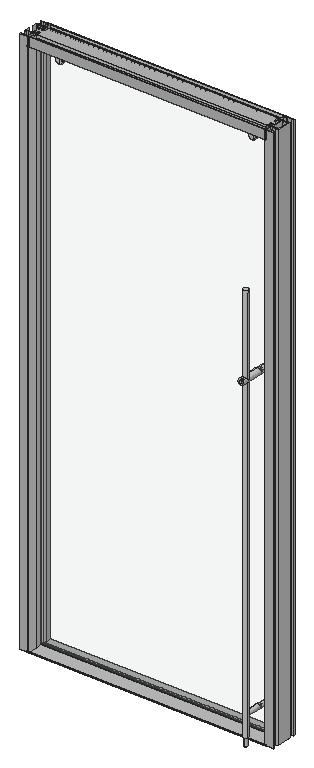
Revit family "Doors_Sliding_Avanti_Systems_Cloud-Eclipse-Sliding-Glass-Pocket-Doors_Solid-wall", category Doors, host Wall, Revit 2015 (continued)
Definition of nested family "Handle"
  Definition of nested family "Hinged Framed Swing locker"
    Automatic sketch dimensions
      plane 3 "Center (Left/Right)" to Extrusion 13 sketch curve = 0.28149"
      plane 27 to Extrusion 14 sketch curve = 1.04735"
      Extrusion 14 sketch curve to plane 26 = 0.06323"
      Extrusion 14 sketch curve to plane 26 = 0.05213"
      Extrusion 14 sketch curve to plane 16 = 0.02652"
      Extrusion 14 sketch curve to Extrusion 14 sketch curve = 0.09753"
      Extrusion 14 sketch curve to Extrusion 14 sketch curve = 0.1137"
      plane 24 to curve 1 = 5/256"
      plane 25 to curve 1 = 0.32895"
      plane 3 "Center (Left/Right)" to curve 1 = 91/256"
      radius of Extrusion 4 sketch curve = 0.63654"
      radius of Extrusion 4 sketch curve = 0.60041"
      radius of Extrusion 5 sketch curve = 0.60041"
      radius of Blend 6 sketch curve = 0.21605"
      radius of Blend 6 sketch curve = 0.19257"
      radius of Extrusion 7 sketch curve = 91/256"
      radius of Extrusion 11 sketch curve = 91/256"
  Definition of nested family "Handle_For-Glass_Rounded_600mm"
    Parameters (values of type "Handle_For-Glass_Rounded_600mm")
      Handle Material [instance] = none
      Handle Height [instance] = 48"  # constant formula
      Default Elevation = 48"
    Reference planes (in)
      plane 1 "Center (Front/Back)": y = 0
      plane 2: z = 26.93599
      plane 3 "Center (Left/Right)": x = 0
      plane 4: z = 0
      plane 5: z = -2.66749
      plane 6: y = -28.44876
      plane 7: y = 14.63423
      plane 8: y = -33.36577
    Forms (in)
      Sweep 1, solid, material <- "Handle Material"
        path origin (0, -17.24158, 0) x (0, 0, 1) y (0, -1, 0)
          loop
            line (-2.10925, 11.20718) -> (0, 11.20718)
        profile origin (0, -28.44876, 0) x (0, -1, 0) y (1, 0, 0)
          loop
            circle (0, 0) r 0.3125
      Sweep 2, solid, material <- "Handle Material"
        path origin (0, 10.76459, 0) x (0, 0, 1) y (0, -1, 0)
          loop
            line (-2.30394, 1.07019) -> (0, 1.07019)
        profile origin (0, 9.69441, 0) x (0, -1, 0) y (1, 0, 0)
          loop
            circle (0, 0) r 0.3125
      Extrusion 3, solid, material <- "Handle Material"
        sketch origin (0, -17.24158, 0) x (1, 0, 0) y (0, 0, -1)
          loop
            circle (0, 2.27257) r 0.39445
        from -16.12419 to 31.87581
    Dimensions and locks (in)
      locked: plane 8 to plane 6 at 4.91701
      "Handle Height": plane 7 to plane 8
      aligned and locked: plane 7 to Extrusion 3
      aligned and locked: Extrusion 3 to plane 8
  Definition of nested family "Handle_For-Glass_Rounded_60in"
    Parameters (values of type "60"")
      No locker [instance] = yes
      Locker [instance] = yes
      Handle Material [instance] = none
      Handle Height [instance] = 60"  # constant formula
    Reference planes (in)
      plane 1 "Center (Front/Back)": y = 0
      plane 2: z = 19.87581
      plane 3 "Center (Left/Right)": x = 0
      plane 4: z = 2.66749
      plane 5: y = -36.97039
      plane 6: z = 0
      plane 7: y = 20.02961
      plane 8: y = -39.97039
    Forms (in)
      Sweep 1, solid, material <- "Handle Material"
        path origin (0, -11.8462, 0) x (0, 0, -1) y (0, 1, 0)
          loop
            line (-2.10925, -25.12419) -> (0, -25.12419)
        profile origin (0, -36.97039, 0) x (1, 0, 0) y (0, 1, 0)
          loop
            circle (0, 0) r 0.3125
      Sweep 2, solid, material <- "Handle Material"
        path origin (0, 16.15997, 0) x (0, 0, -1) y (0, 1, 0)
          loop
            line (-3.10757, -8.13036) -> (0, -8.13036)
        profile origin (0, 8.02961, 0) x (1, 0, 0) y (0, 1, 0)
          loop
            circle (0, 0) r 0.4375
      Extrusion 3, solid, material <- "Handle Material"
        sketch origin (0, -11.8462, 0) x (1, 0, 0) y (0, 0, -1)
          loop
            circle (0, -2.27257) r 0.39445
        from -28.12419 to 31.87581
      Revolve 4, solid, material <- "Handle Material"
        sketch origin (0, -11.8462, 0) x (0, 0, -1) y (0, 1, 0)
          loop
            line (-3.10757, 20.0489) -> (-3.19084, 20.0489) -> (-3.19084, 19.87581) -> (-3.10757, 19.87581) -> (-3.10757, 20.0489)
          axis (-3.10757, 19.87581) -> (-3.19084, 19.87581)
        angle from 0 to 360
      Extrusion 5, solid, material <- "Handle Material", visible <- "Locker"
        sketch origin (0, -11.8462, 0) x (0, 0, -1) y (0, 1, 0)
          loop
            line (-3.19084, 19.98905) -> (-3.34908, 19.98905)
            arc (-3.34908, 19.98905) -> (-3.37904, 19.97664) -> (-3.39145, 19.94668) r 0.04237
            line (-3.39145, 19.94668) -> (-3.39145, 19.80495)
            arc (-3.39145, 19.80495) -> (-3.37904, 19.77499) -> (-3.34908, 19.76258) r 0.04237
            line (-3.34908, 19.76258) -> (-3.19084, 19.76258) -> (-3.19084, 19.98905)
        from -0.03592 to 0.03621
      Revolve 6, solid, material <- "Handle Material", visible <- "No locker"
        sketch origin (0, -11.62359, 0) x (0, 0, -1) y (0, 1, 0)
          loop
            line (-3.10757, 20.0489) -> (-3.20833, 20.0489) -> (-3.20833, 19.87581) -> (-3.10757, 19.87581) -> (-3.10757, 20.0489)
          axis (-3.10757, 19.87581) -> (-3.20833, 19.87581)
        angle from 0 to 360
      Revolve 7, solid, material <- "Handle Material", visible <- "Locker"
        sketch origin (0, -11.8462, 0) x (0, 0, -1) y (0, 1, 0)
          loop
            line (-2.27257, -28.12419) -> (-2.50833, -28.12419) -> (-2.50833, -29.32199) -> (-2.41048, -29.49919) -> (-2.27257, -29.49919) -> (-2.27257, -28.12419)
          axis (-2.27257, -28.12419) -> (-2.27257, -29.49919)
        angle from 0 to 360
    Lines and regions (in)
      reference lines
        curve 1: line (0, -40.47039, 2.66749) -> (0, -40.47039, 0)
    Dimensions and locks (in)
      locked: plane 8 to plane 5 at 3
      "Handle Height": plane 7 to plane 8
      aligned and locked: Extrusion 3 to plane 7
      aligned and locked: Extrusion 3 to plane 8
      aligned and locked: Sweep 1 sketch curve to plane 5
  Definition of nested family "Handle_For-Glass_Rounded_60in2"
    Parameters (values of type "60"")
      No locker [instance] = yes
      Locker [instance] = yes
      Handle Material [instance] = none
      Handle Height [instance] = 60"  # constant formula
    Reference planes (in)
      plane 1 "Center (Front/Back)": y = 0
      plane 2: z = 19.87581
      plane 3 "Center (Left/Right)": x = 0
      plane 4: y = -36.97039
      plane 5: z = 0
      plane 6: y = 20.02961
      plane 7: y = -39.97039
      plane 8: z = -2.66749
    Forms (in)
      Sweep 1, solid, material <- "Handle Material"
        path origin (0, -11.8462, 0) x (0, 0, 1) y (0, 1, 0)
          loop
            line (-2.10925, -25.12419) -> (0, -25.12419)
        profile origin (0, -36.97039, 0) x (0, -1, 0) y (1, 0, 0)
          loop
            circle (0, 0) r 0.3125
      Sweep 2, solid, material <- "Handle Material"
        path origin (0, 16.15997, 0) x (0, 0, 1) y (0, 1, 0)
          loop
            line (-3.10757, -8.13036) -> (0, -8.13036)
        profile origin (0, 8.02961, 0) x (0, -1, 0) y (1, 0, 0)
          loop
            circle (0, 0) r 0.4375
      Extrusion 3, solid, material <- "Handle Material"
        sketch origin (0, -11.8462, 0) x (1, 0, 0) y (0, 0, -1)
          loop
            circle (0, 2.27257) r 0.39445
        from -28.12419 to 31.87581
      Revolve 4, solid, material <- "Handle Material"
        sketch origin (0, -11.8462, 0) x (0, 0, 1) y (0, 1, 0)
          loop
            line (-3.10757, 20.0489) -> (-3.19084, 20.0489) -> (-3.19084, 19.87581) -> (-3.10757, 19.87581) -> (-3.10757, 20.0489)
          axis (-3.10757, 19.87581) -> (-3.19084, 19.87581)
        angle from 0 to 360
      Extrusion 5, solid, material <- "Handle Material", visible <- "Locker"
        sketch origin (0, -11.8462, 0) x (0, 0, 1) y (0, -1, 0)
          loop
            line (-3.19084, -19.98905) -> (-3.19084, -19.76258) -> (-3.34908, -19.76258)
            arc (-3.34908, -19.76258) -> (-3.37904, -19.77499) -> (-3.39145, -19.80495) r 0.04237
            line (-3.39145, -19.80495) -> (-3.39145, -19.94668)
            arc (-3.39145, -19.94668) -> (-3.37904, -19.97664) -> (-3.34908, -19.98905) r 0.04237
            line (-3.34908, -19.98905) -> (-3.19084, -19.98905)
        from -0.03592 to 0.03621
      Revolve 6, solid, material <- "Handle Material", visible <- "No locker"
        sketch origin (0, -11.62359, 0) x (0, 0, 1) y (0, 1, 0)
          loop
            line (-3.10757, 20.0489) -> (-3.20833, 20.0489) -> (-3.20833, 19.87581) -> (-3.10757, 19.87581) -> (-3.10757, 20.0489)
          axis (-3.10757, 19.87581) -> (-3.20833, 19.87581)
        angle from 0 to 360
      Revolve 7, solid, material <- "Handle Material", visible <- "Locker"
        sketch origin (0, -11.8462, 0) x (0, 0, 1) y (0, 1, 0)
          loop
            line (-2.27257, -28.12419) -> (-2.50833, -28.12419) -> (-2.50833, -29.32199) -> (-2.41048, -29.49919) -> (-2.27257, -29.49919) -> (-2.27257, -28.12419)
          axis (-2.27257, -28.12419) -> (-2.27257, -29.49919)
        angle from 0 to 360
    Lines and regions (in)
      reference lines
        curve 1: line (0, -40.47039, -2.66749) -> (0, -40.47039, 0)
    Dimensions and locks (in)
      locked: plane 7 to plane 4 at 3
      "Handle Height": plane 6 to plane 7
Definition of nested family "Door Frame Top"
  Parameters (values of type "Family6")
    Thicness = 0.40895"
  Reference planes (in)
    plane 1 "Center (Front/Back)": y = 0
    plane 2: z = 0
    plane 3 "Center (Left/Right)": x = 0
  Lines and regions (in)
    model lines, in view "Ref. Level"
      curve 1: line (-0.20447, -2.30717, 0) -> (0.20447, -2.30717, 0)
      curve 2: line (-0.20447, -3.06561, 0) -> (0.20447, -3.06561, 0)
      curve 19: line (-0.22962, -0.81275, 0) -> (-0.27284, -0.81275, 0)
      curve 20: line (-0.27284, -0.81275, 0) -> (-0.27284, -0.48108, 0)
      curve 21: line (-0.27284, -0.48108, 0) -> (-0.52448, -0.54896, 0)
      curve 22: line (-0.52448, -0.54896, 0) -> (-0.52448, -1.49724, 0)
      curve 23: line (-0.52448, -1.49724, 0) -> (-0.27284, -1.56286, 0)
      curve 24: line (-0.27284, -1.56286, 0) -> (-0.27284, -1.34008, 0)
      curve 25: line (-0.27284, -1.34008, 0) -> (-0.22962, -1.34008, 0)
      curve 26: line (0.24634, -1.34008, 0) -> (0.30501, -1.34008, 0)
      curve 27: line (0.30501, -1.34008, 0) -> (0.30501, -1.56286, 0)
      curve 28: line (0.30501, -1.56286, 0) -> (0.53753, -1.49724, 0)
      curve 29: line (0.53753, -1.49724, 0) -> (0.53753, -0.53073, 0)
      curve 30: line (0.53753, -0.53073, 0) -> (0.30501, -0.48414, 0)
      curve 31: line (0.30501, -0.48414, 0) -> (0.30501, -0.81275, 0)
      curve 32: line (0.30501, -0.81275, 0) -> (0.24634, -0.81275, 0)
      curve 33: line (-0.27284, -0.81275, 0) -> (-0.27284, -1.34008, 0)
      curve 34: line (0.30501, -0.81275, 0) -> (0.30501, -1.34008, 0)
      curve 35: line (0.09462, -2.30717, 0) -> (0.09462, -1.13755, 0)
      curve 36: line (0.09462, -1.0244, 0) -> (0.09462, -0.51808, 0)
      curve 37: line (-0.08847, -2.30717, 0) -> (-0.08847, -1.13755, 0)
      curve 38: line (-0.08847, -1.0244, 0) -> (-0.08847, -0.51808, 0)
      curve 39: arc (1.87632, -0.00189, 0) -> (1.86415, -0.00603, 0) -> (1.857, -0.01672, 0) r 0.02
      curve 40: arc (2.01041, -0.02189, 0) -> (2.00456, -0.00775, 0) -> (1.99041, -0.00189, 0) r 0.02
      curve 41: arc (1.99824, -1.30307, 0) -> (2.00709, -1.2957, 0) -> (2.01041, -1.28466, 0) r 0.02
      curve 42: arc (1.93041, -1.08302, 0) -> (1.94456, -1.07716, 0) -> (1.95041, -1.06302, 0) r 0.02
      curve 43: arc (1.93824, -1.26339, 0) -> (1.94709, -1.25602, 0) -> (1.95041, -1.24498, 0) r 0.02
      curve 44: arc (1.95041, -0.34496, 0) -> (1.94628, -0.33278, 0) -> (1.93559, -0.32564, 0) r 0.02
      curve 45: arc (1.79021, -0.26598, 0) -> (1.79221, -0.28116, 0) -> (1.80436, -0.29048, 0) r 0.02
      curve 46: arc (1.13647, -0.29048, 0) -> (1.14861, -0.28116, 0) -> (1.15061, -0.26598, 0) r 0.02
      curve 47: arc (1.08332, -0.01482, 0) -> (1.07617, -0.00413, 0) -> (1.064, 0, 0) r 0.02
      curve 48: arc (1.13647, -0.29048, 0) -> (1.14861, -0.28116, 0) -> (1.15061, -0.26598, 0) r 0.02
      curve 49: arc (1.02494, -0.32036, 0) -> (1.00399, -0.33409, 0) -> (0.99531, -0.35759, 0) r 0.04
      curve 50: arc (0.99531, -0.35759, 0) -> (0.99671, -0.36566, 0) -> (1.00122, -0.37249, 0) r 0.02
      curve 51: arc (0.93029, -0.27603, 0) -> (0.95785, -0.24854, 0) -> (0.93029, -0.22104, 0) r 0.0275
      curve 52: arc (0.91868, -0.27603, 0) -> (0.90849, -0.27882, 0) -> (0.90114, -0.28641, 0) r 0.02
      curve 53: arc (0.77041, -1.68025, 0) -> (0.78456, -1.67439, 0) -> (0.79041, -1.66025, 0) r 0.02
      curve 54: arc (0.85041, -1.66025, 0) -> (0.85627, -1.67439, 0) -> (0.87041, -1.68025, 0) r 0.02
      curve 55: arc (1.95041, -1.16302, 0) -> (1.94456, -1.14888, 0) -> (1.93041, -1.14302, 0) r 0.02
      curve 56: arc (1.10343, -1.06302, 0) -> (1.10929, -1.07716, 0) -> (1.12343, -1.08302, 0) r 0.02
      curve 57: arc (0.96942, -1.23854, 0) -> (0.86876, -1.16134, 0) -> (0.94544, -1.2624, 0) r 0.064
      curve 58: arc (0.87645, -1.32492, 0) -> (0.92681, -1.33004, 0) -> (0.97501, -1.31461, 0) r 0.124
      curve 59: arc (1.02148, -1.26838, 0) -> (1.0372, -1.21985, 0) -> (1.03206, -1.16909, 0) r 0.124
      curve 60: arc (0.82787, -1.11741, 0) -> (0.7977, -1.16343, 0) -> (0.79041, -1.21798, 0) r 0.124
      curve 61: arc (0.82787, -1.11741, 0) -> (0.83254, -1.09552, 0) -> (0.814, -1.083, 0) r 0.02
      curve 62: arc (1.05111, -1.14302, 0) -> (1.03497, -1.15122, 0) -> (1.03206, -1.16909, 0) r 0.02
      curve 63: arc (0.87645, -1.32492, 0) -> (0.8586, -1.32785, 0) -> (0.85041, -1.34399, 0) r 0.02
      curve 64: arc (1.10343, -0.53267, 0) -> (1.09757, -0.51853, 0) -> (1.08343, -0.51267, 0) r 0.02
      curve 65: arc (0.94544, -0.51623, 0) -> (0.96959, -0.429, 0) -> (0.88236, -0.40485, 0) r 0.064
      curve 66: arc (0.85838, -0.42871, 0) -> (0.86853, -0.50567, 0) -> (0.94544, -0.51623, 0) r 0.064
      curve 67: arc (1.03477, -0.48821, 0) -> (1.03299, -0.426, 0) -> (1.00122, -0.37249, 0) r 0.124
      curve 68: arc (1.03477, -0.48821, 0) -> (1.03863, -0.50514, 0) -> (1.05427, -0.51267, 0) r 0.02
      curve 69: arc (0.80632, -0.39887, 0) -> (0.80584, -0.52135, 0) -> (0.91079, -0.5845, 0) r 0.124
      curve 70: arc (0.93029, -0.60449, 0) -> (0.92461, -0.59053, 0) -> (0.91079, -0.5845, 0) r 0.02
      curve 71: arc (1.29509, -1.39822, 0) -> (1.31234, -1.52389, 0) -> (1.32892, -1.39813, 0) r 0.064
      curve 72: arc (1.27909, -1.34039, 0) -> (1.19346, -1.42406, 0) -> (1.21848, -1.54113, 0) r 0.124
      curve 73: arc (1.2112, -1.57263, 0) -> (1.22286, -1.55873, 0) -> (1.21848, -1.54113, 0) r 0.02
      curve 74: arc (1.43567, -1.44875, 0) -> (1.40717, -1.3802, 0) -> (1.34463, -1.34022, 0) r 0.124
      curve 75: arc (1.43567, -1.44875, 0) -> (1.44532, -1.46411, 0) -> (1.46342, -1.46535, 0) r 0.02
      curve 76: arc (0.96634, -1.74025, 0) -> (0.97033, -1.73985, 0) -> (0.97416, -1.73866, 0) r 0.02
      curve 77: arc (0.95411, -1.68025, 0) -> (0.9581, -1.67985, 0) -> (0.96193, -1.67866, 0) r 0.02
      curve 78: arc (-0.90946, -1.00271, 0) -> (-0.9036, -1.01685, 0) -> (-0.88946, -1.02271, 0) r 0.02
      curve 79: arc (-1.83618, -0.01672, 0) -> (-1.84332, -0.00603, 0) -> (-1.8555, -0.00189, 0) r 0.02
      curve 80: arc (-1.96959, -0.00189, 0) -> (-1.98373, -0.00775, 0) -> (-1.98959, -0.02189, 0) r 0.02
      curve 81: arc (-1.98959, -1.28466, 0) -> (-1.98627, -1.2957, 0) -> (-1.97742, -1.30307, 0) r 0.02
      curve 82: arc (-1.92959, -1.06302, 0) -> (-1.92373, -1.07716, 0) -> (-1.90959, -1.08302, 0) r 0.02
      curve 83: arc (-1.92959, -1.24498, 0) -> (-1.92627, -1.25602, 0) -> (-1.91742, -1.26339, 0) r 0.02
      curve 84: arc (-1.91476, -0.32564, 0) -> (-1.92545, -0.33278, 0) -> (-1.92959, -0.34496, 0) r 0.02
      curve 85: arc (-1.78353, -0.29048, 0) -> (-1.77139, -0.28116, 0) -> (-1.76939, -0.26598, 0) r 0.02
      curve 86: arc (-1.12979, -0.26598, 0) -> (-1.12779, -0.28116, 0) -> (-1.11564, -0.29048, 0) r 0.02
      curve 87: arc (-1.04317, 0, 0) -> (-1.05535, -0.00413, 0) -> (-1.06249, -0.01482, 0) r 0.02
      curve 88: arc (-1.12979, -0.26598, 0) -> (-1.12779, -0.28116, 0) -> (-1.11564, -0.29048, 0) r 0.02
      curve 89: arc (-0.97449, -0.35759, 0) -> (-0.98316, -0.33409, 0) -> (-1.00411, -0.32036, 0) r 0.04
      curve 90: arc (-0.98039, -0.37249, 0) -> (-0.97588, -0.36566, 0) -> (-0.97449, -0.35759, 0) r 0.02
      curve 91: arc (-0.90946, -0.22104, 0) -> (-0.93703, -0.24854, 0) -> (-0.90946, -0.27603, 0) r 0.0275
      curve 92: arc (-0.88031, -0.28641, 0) -> (-0.88766, -0.27882, 0) -> (-0.89785, -0.27603, 0) r 0.02
      curve 93: arc (-1.90959, -1.14302, 0) -> (-1.92373, -1.14888, 0) -> (-1.92959, -1.16302, 0) r 0.02
      curve 94: arc (-1.1026, -1.08302, 0) -> (-1.08846, -1.07716, 0) -> (-1.0826, -1.06302, 0) r 0.02
      curve 95: arc (-0.92461, -1.2624, 0) -> (-0.84794, -1.16134, 0) -> (-0.9486, -1.23854, 0) r 0.064
      curve 96: arc (-0.95418, -1.31461, 0) -> (-0.90598, -1.33004, 0) -> (-0.85563, -1.32492, 0) r 0.124
      curve 97: arc (-1.01123, -1.16909, 0) -> (-1.01638, -1.21985, 0) -> (-1.00065, -1.26838, 0) r 0.124
      curve 98: arc (-0.76959, -1.21798, 0) -> (-0.77693, -1.16327, 0) -> (-0.80729, -1.11717, 0) r 0.124
      curve 99: arc (-0.79261, -1.08274, 0) -> (-0.81185, -1.09488, 0) -> (-0.80729, -1.11717, 0) r 0.02
      curve 100: arc (-1.01123, -1.16909, 0) -> (-1.01414, -1.15122, 0) -> (-1.03029, -1.14302, 0) r 0.02
      curve 101: arc (-0.82959, -1.34399, 0) -> (-0.83777, -1.32785, 0) -> (-0.85563, -1.32492, 0) r 0.02
      curve 102: arc (-1.0626, -0.51267, 0) -> (-1.07674, -0.51853, 0) -> (-1.0826, -0.53267, 0) r 0.02
      curve 103: arc (-0.86153, -0.40485, 0) -> (-0.94876, -0.429, 0) -> (-0.92461, -0.51623, 0) r 0.064
      curve 104: arc (-0.92461, -0.51623, 0) -> (-0.8477, -0.50567, 0) -> (-0.83755, -0.42871, 0) r 0.064
      curve 105: arc (-0.98039, -0.37249, 0) -> (-1.01217, -0.426, 0) -> (-1.01395, -0.48821, 0) r 0.124
      curve 106: arc (-1.03344, -0.51267, 0) -> (-1.0178, -0.50514, 0) -> (-1.01395, -0.48821, 0) r 0.02
      curve 107: arc (-0.88996, -0.5845, 0) -> (-0.78501, -0.52135, 0) -> (-0.7855, -0.39887, 0) r 0.124
      curve 108: arc (-0.88996, -0.5845, 0) -> (-0.90378, -0.59053, 0) -> (-0.90946, -0.60449, 0) r 0.02
      curve 109: arc (-1.3081, -1.39813, 0) -> (-1.29151, -1.52389, 0) -> (-1.27427, -1.39822, 0) r 0.064
      curve 110: arc (-1.19766, -1.54113, 0) -> (-1.17264, -1.42406, 0) -> (-1.25826, -1.34039, 0) r 0.124
      curve 111: arc (-1.19766, -1.54113, 0) -> (-1.20203, -1.55873, 0) -> (-1.19037, -1.57263, 0) r 0.02
      curve 112: arc (-1.3238, -1.34022, 0) -> (-1.38635, -1.3802, 0) -> (-1.41484, -1.44875, 0) r 0.124
      curve 113: arc (-1.44259, -1.46535, 0) -> (-1.42449, -1.46411, 0) -> (-1.41484, -1.44875, 0) r 0.02
      curve 114: arc (-0.95334, -1.73866, 0) -> (-0.9495, -1.73985, 0) -> (-0.94551, -1.74025, 0) r 0.02
      curve 115: arc (-0.76959, -1.66025, 0) -> (-0.76373, -1.67439, 0) -> (-0.74959, -1.68025, 0) r 0.02
      curve 116: arc (-0.84959, -1.68025, 0) -> (-0.83544, -1.67439, 0) -> (-0.82959, -1.66025, 0) r 0.02
      curve 117: arc (-0.94111, -1.67866, 0) -> (-0.93727, -1.67985, 0) -> (-0.93328, -1.68025, 0) r 0.02
      curve 118: arc (-0.88946, -0.06383, 0) -> (-0.9036, -0.06969, 0) -> (-0.90946, -0.08383, 0) r 0.02
      curve 119: arc (0.93029, -0.08383, 0) -> (0.92443, -0.06969, 0) -> (0.91029, -0.06383, 0) r 0.02
      curve 120: arc (0.91029, -1.02302, 0) -> (0.92443, -1.01716, 0) -> (0.93029, -1.00302, 0) r 0.02
      curve 121: line (0.93029, -1.00302, 0) -> (0.93029, -0.60449, 0)
      curve 122: line (0.93029, -0.08383, 0) -> (0.93029, -0.22104, 0)
      curve 123: line (0.93029, -0.22104, 0) -> (0.93029, -0.1406, 0)
      curve 124: line (1.95041, -0.42836, 0) -> (1.95041, -0.3603, 0)
      curve 125: line (1.87632, -0.00189, 0) -> (1.99041, -0.00189, 0)
      curve 126: line (2.01041, -0.02189, 0) -> (2.01041, -1.28466, 0)
      curve 127: line (1.95041, -0.34496, 0) -> (1.95041, -1.06302, 0)
      curve 128: line (1.95041, -1.16302, 0) -> (1.95041, -1.24498, 0)
      curve 129: line (1.79021, -0.26598, 0) -> (1.81613, -0.16925, 0)
      curve 130: line (1.81613, -0.16925, 0) -> (1.8566, -0.18024, 0)
      curve 131: line (1.8566, -0.18024, 0) -> (1.84108, -0.2382, 0)
      curve 132: line (1.84108, -0.2382, 0) -> (1.90096, -0.25424, 0)
      curve 133: line (1.90096, -0.25424, 0) -> (1.9579, -0.04174, 0)
      curve 134: line (1.9579, -0.04174, 0) -> (1.89802, -0.02569, 0)
      curve 135: line (1.89802, -0.02569, 0) -> (1.88249, -0.08365, 0)
      curve 136: line (1.88249, -0.08365, 0) -> (1.84198, -0.0728, 0)
      curve 137: line (1.84198, -0.0728, 0) -> (1.857, -0.01672, 0)
      curve 138: line (1.93559, -0.32564, 0) -> (1.80436, -0.29048, 0)
      curve 139: line (1.15061, -0.26598, 0) -> (1.12469, -0.16925, 0)
      curve 140: line (1.08332, -0.01482, 0) -> (1.09885, -0.0728, 0)
      curve 141: line (1.09885, -0.0728, 0) -> (1.05834, -0.08365, 0)
      curve 142: line (1.05834, -0.08365, 0) -> (1.04281, -0.02569, 0)
      curve 143: line (1.04281, -0.02569, 0) -> (0.98292, -0.04174, 0)
      curve 144: line (0.98292, -0.04174, 0) -> (1.03986, -0.25424, 0)
      curve 145: line (1.03986, -0.25424, 0) -> (1.09975, -0.2382, 0)
      curve 146: line (1.09975, -0.2382, 0) -> (1.08422, -0.18024, 0)
      curve 147: line (1.08422, -0.18024, 0) -> (1.12469, -0.16925, 0)
      curve 148: line (1.02494, -0.32036, 0) -> (1.13647, -0.29048, 0)
      curve 149: line (0.95029, 0, 0) -> (1.064, 0, 0)
      curve 150: line (0.93029, -0.27603, 0) -> (0.91868, -0.27603, 0)
      curve 151: line (0.79041, -1.19544, 0) -> (0.79041, -1.66025, 0)
      curve 152: line (0.85041, -1.34399, 0) -> (0.85041, -1.66025, 0)
      curve 153: line (1.93041, -1.14302, 0) -> (1.05111, -1.14302, 0)
      curve 154: line (1.93041, -1.08302, 0) -> (1.32794, -1.08302, 0)
      curve 155: line (1.32794, -1.08302, 0) -> (1.31217, -1.09897, 0)
      curve 156: line (1.31217, -1.09897, 0) -> (1.2964, -1.08302, 0)
      curve 157: line (1.2964, -1.08302, 0) -> (1.12343, -1.08302, 0)
      curve 158: line (1.10343, -1.00311, 0) -> (1.06343, -1.00311, 0)
      curve 159: line (1.06343, -1.00311, 0) -> (1.05943, -1.08302, 0)
      curve 160: line (1.05943, -1.08302, 0) -> (0.99943, -1.08302, 0)
      curve 161: line (0.99943, -1.08302, 0) -> (0.99943, -0.57267, 0)
      curve 162: line (0.99943, -0.57267, 0) -> (1.06343, -0.57667, 0)
      curve 163: line (1.06343, -0.57667, 0) -> (1.06343, -0.65267, 0)
      curve 164: line (1.10343, -0.53267, 0) -> (1.10343, -0.65267, 0)
      curve 165: line (1.10343, -0.65267, 0) -> (1.06343, -0.65267, 0)
      curve 166: line (1.10343, -1.06302, 0) -> (1.10343, -1.00311, 0)
      curve 167: line (1.10343, -1.00311, 0) -> (1.10343, -1.06302, 0)
      curve 168: line (1.08343, -0.51267, 0) -> (1.05427, -0.51267, 0)
      curve 169: line (0.96942, -1.23854, 0) -> (1.02148, -1.26838, 0)
      curve 170: line (0.94544, -1.2624, 0) -> (0.97501, -1.31461, 0)
      curve 171: line (0.80632, -0.39887, 0) -> (0.85838, -0.42871, 0)
      curve 172: line (0.90114, -0.28641, 0) -> (0.85279, -0.35264, 0)
      curve 173: line (0.85279, -0.35264, 0) -> (0.88236, -0.40485, 0)
      curve 174: line (1.32892, -1.39813, 0) -> (1.34463, -1.34022, 0)
      curve 175: line (1.29509, -1.39822, 0) -> (1.27909, -1.34039, 0)
      curve 176: line (0.96634, -1.74025, 0) -> (0.71041, -1.74025, 0)
      curve 177: line (0.71041, -1.74025, 0) -> (0.71041, -1.68025, 0)
      curve 178: line (0.71041, -1.68025, 0) -> (0.77041, -1.68025, 0)
      curve 179: line (0.87041, -1.68025, 0) -> (0.95411, -1.68025, 0)
      curve 180: line (0.97416, -1.73866, 0) -> (1.99824, -1.30307, 0)
      curve 181: line (0.96193, -1.67866, 0) -> (1.2112, -1.57263, 0)
      curve 182: line (1.46342, -1.46535, 0) -> (1.93824, -1.26339, 0)
      curve 183: line (-0.90946, -1.00271, 0) -> (-0.90946, -0.60449, 0)
      curve 184: line (-0.90946, -0.08383, 0) -> (-0.90946, -0.22104, 0)
      curve 185: line (-0.90946, -0.22104, 0) -> (-0.90946, -0.1406, 0)
      curve 186: line (-1.92959, -0.42836, 0) -> (-1.92959, -0.3603, 0)
      curve 187: line (-1.8555, -0.00189, 0) -> (-1.96959, -0.00189, 0)
      curve 188: line (-1.98959, -0.02189, 0) -> (-1.98959, -1.28466, 0)
      curve 189: line (0.91029, -1.02302, 0) -> (0.71041, -1.02302, 0)
      curve 190: line (0.71041, -1.02302, 0) -> (0.71041, -1.08299, 0)
      curve 191: line (0.71041, -1.08299, 0) -> (0.814, -1.08299, 0)
      curve 192: line (-0.88946, -1.02271, 0) -> (-0.68959, -1.02271, 0)
      curve 193: line (-0.68959, -1.02271, 0) -> (-0.68959, -1.08274, 0)
      curve 194: line (-0.68959, -1.08274, 0) -> (-0.79261, -1.08274, 0)
      curve 195: line (-0.74959, -1.68025, 0) -> (-0.68959, -1.68025, 0)
      curve 196: line (-0.68959, -1.68025, 0) -> (-0.68959, -1.74025, 0)
      curve 197: line (-0.68959, -1.74025, 0) -> (-0.94551, -1.74025, 0)
      curve 198: line (-1.92959, -0.34496, 0) -> (-1.92959, -1.06302, 0)
      curve 199: line (-1.92959, -1.16302, 0) -> (-1.92959, -1.24498, 0)
      curve 200: line (-1.76939, -0.26598, 0) -> (-1.79531, -0.16925, 0)
      curve 201: line (-1.79531, -0.16925, 0) -> (-1.83578, -0.18024, 0)
      curve 202: line (-1.83578, -0.18024, 0) -> (-1.82025, -0.2382, 0)
      curve 203: line (-1.82025, -0.2382, 0) -> (-1.88014, -0.25424, 0)
      curve 204: line (-1.88014, -0.25424, 0) -> (-1.93708, -0.04174, 0)
      curve 205: line (-1.93708, -0.04174, 0) -> (-1.87719, -0.02569, 0)
      curve 206: line (-1.87719, -0.02569, 0) -> (-1.86166, -0.08365, 0)
      curve 207: line (-1.86166, -0.08365, 0) -> (-1.82115, -0.0728, 0)
      curve 208: line (-1.82115, -0.0728, 0) -> (-1.83618, -0.01672, 0)
      curve 209: line (-1.91476, -0.32564, 0) -> (-1.78353, -0.29048, 0)
      curve 210: line (-1.12979, -0.26598, 0) -> (-1.10387, -0.16925, 0)
      curve 211: line (-1.06249, -0.01482, 0) -> (-1.07802, -0.0728, 0)
      curve 212: line (-1.07802, -0.0728, 0) -> (-1.03751, -0.08365, 0)
      curve 213: line (-1.03751, -0.08365, 0) -> (-1.02198, -0.02569, 0)
      curve 214: line (-1.02198, -0.02569, 0) -> (-0.9621, -0.04174, 0)
      curve 215: line (-0.9621, -0.04174, 0) -> (-1.01904, -0.25424, 0)
      curve 216: line (-1.01904, -0.25424, 0) -> (-1.07892, -0.2382, 0)
      curve 217: line (-1.07892, -0.2382, 0) -> (-1.0634, -0.18024, 0)
      curve 218: line (-1.0634, -0.18024, 0) -> (-1.10387, -0.16925, 0)
      curve 219: line (-1.00411, -0.32036, 0) -> (-1.11564, -0.29048, 0)
      curve 220: line (-0.92946, 0, 0) -> (-1.04317, 0, 0)
      curve 221: line (-0.90946, -0.27603, 0) -> (-0.89785, -0.27603, 0)
      curve 222: line (-0.76959, -1.19544, 0) -> (-0.76959, -1.66025, 0)
      curve 223: line (-0.82959, -1.34399, 0) -> (-0.82959, -1.66025, 0)
      curve 224: line (-1.90959, -1.14302, 0) -> (-1.03029, -1.14302, 0)
      curve 225: line (-1.90959, -1.08302, 0) -> (-1.30711, -1.08302, 0)
      curve 226: line (-1.30711, -1.08302, 0) -> (-1.29134, -1.09897, 0)
      curve 227: line (-1.29134, -1.09897, 0) -> (-1.27558, -1.08302, 0)
      curve 228: line (-1.27558, -1.08302, 0) -> (-1.1026, -1.08302, 0)
      curve 229: line (-1.0826, -1.00311, 0) -> (-1.0426, -1.00311, 0)
      curve 230: line (-1.0426, -1.00311, 0) -> (-1.0386, -1.08302, 0)
      curve 231: line (-1.0386, -1.08302, 0) -> (-0.9786, -1.08302, 0)
      curve 232: line (-0.9786, -1.08302, 0) -> (-0.9786, -0.57267, 0)
      curve 233: line (-0.9786, -0.57267, 0) -> (-1.0426, -0.57667, 0)
      curve 234: line (-1.0426, -0.57667, 0) -> (-1.0426, -0.65267, 0)
      curve 235: line (-1.0826, -0.53267, 0) -> (-1.0826, -0.65267, 0)
      curve 236: line (-1.0826, -0.65267, 0) -> (-1.0426, -0.65267, 0)
      curve 237: line (-1.0826, -1.06302, 0) -> (-1.0826, -1.00311, 0)
      curve 238: line (-1.0826, -1.00311, 0) -> (-1.0826, -1.06302, 0)
      curve 239: line (-1.0626, -0.51267, 0) -> (-1.03344, -0.51267, 0)
      curve 240: line (-0.9486, -1.23854, 0) -> (-1.00065, -1.26838, 0)
      curve 241: line (-0.92461, -1.2624, 0) -> (-0.95418, -1.31461, 0)
      curve 242: line (-0.7855, -0.39887, 0) -> (-0.83755, -0.42871, 0)
      curve 243: line (-0.88031, -0.28641, 0) -> (-0.83197, -0.35264, 0)
      curve 244: line (-0.83197, -0.35264, 0) -> (-0.86153, -0.40485, 0)
      curve 245: line (-1.3081, -1.39813, 0) -> (-1.3238, -1.34022, 0)
      curve 246: line (-1.27427, -1.39822, 0) -> (-1.25826, -1.34039, 0)
      curve 247: line (-0.84959, -1.68025, 0) -> (-0.93328, -1.68025, 0)
      curve 248: line (-0.95334, -1.73866, 0) -> (-1.97742, -1.30307, 0)
      curve 249: line (-0.94111, -1.67866, 0) -> (-1.19037, -1.57263, 0)
      curve 250: line (-1.44259, -1.46535, 0) -> (-1.91742, -1.26339, 0)
      curve 251: line (0.91029, -0.06383, 0) -> (0.62731, -0.06383, 0)
      curve 252: line (0.62731, -0.06383, 0) -> (0.62731, -0.12383, 0)
      curve 253: line (0.62731, -0.12383, 0) -> (0.56731, -0.12383, 0)
      curve 254: line (0.56731, -0.12383, 0) -> (0.56731, -0.06383, 0)
      curve 255: line (0.56731, -0.06383, 0) -> (0.22731, -0.06383, 0)
      curve 256: line (0.22731, -0.06383, 0) -> (0.22731, -0.12383, 0)
      curve 257: line (0.22731, -0.12383, 0) -> (0.16731, -0.12383, 0)
      curve 258: line (0.16731, -0.12383, 0) -> (0.16731, -0.06383, 0)
      curve 259: line (0.16731, -0.06383, 0) -> (-0.14648, -0.06383, 0)
      curve 260: line (-0.14648, -0.06383, 0) -> (-0.14648, -0.12383, 0)
      curve 261: line (-0.88946, -0.06383, 0) -> (-0.60648, -0.06383, 0)
      curve 262: line (-0.60648, -0.06383, 0) -> (-0.60648, -0.12383, 0)
      curve 263: line (-0.60648, -0.12383, 0) -> (-0.54648, -0.12383, 0)
      curve 264: line (-0.54648, -0.12383, 0) -> (-0.54648, -0.06383, 0)
      curve 265: line (-0.20648, -0.06383, 0) -> (-0.54648, -0.06383, 0)
      curve 266: line (-0.54648, -0.06383, 0) -> (-0.20648, -0.06383, 0)
      curve 267: line (-0.20648, -0.06383, 0) -> (-0.20648, -0.12383, 0)
      curve 268: line (-0.20648, -0.12383, 0) -> (-0.14648, -0.12383, 0)
      curve 269: line (0.09462, -1.64221, 0) -> (0.24634, -1.64221, 0)
      curve 270: line (0.24634, -1.64221, 0) -> (0.24634, -1.34008, 0)
      curve 271: line (0.24634, -1.34008, 0) -> (0.24634, -0.81275, 0)
      curve 272: line (0.24634, -0.81275, 0) -> (0.24634, -0.51808, 0)
      curve 273: line (0.24634, -0.51808, 0) -> (-0.22962, -0.51808, 0)
      curve 274: line (-0.22962, -0.51808, 0) -> (-0.22962, -0.81275, 0)
      curve 275: line (-0.22962, -0.81275, 0) -> (-0.22962, -1.64221, 0)
      curve 276: line (-0.22962, -1.64221, 0) -> (-0.08847, -1.64221, 0)
      curve 277: line (-0.22962, -1.0244, 0) -> (0.24634, -1.0244, 0)
      curve 278: line (-0.22962, -1.13755, 0) -> (0.24634, -1.13755, 0)
      curve 279: line (0.95029, 0, 0) -> (-0.92946, 0, 0)
      curve 280: line (0.69489, -0.15813, 0) -> (-0.66511, -0.15813, 0)
      curve 281: line (-0.66511, -0.15813, 0) -> (0.69489, -0.15813, 0)
      curve 282: line (0.69489, -0.15813, 0) -> (0.69489, -1.73293, 0)
      curve 283: line (0.69489, -1.73293, 0) -> (0.29425, -1.73293, 0)
      curve 284: line (0.29425, -1.73293, 0) -> (0.29425, -1.59235, 0)
      curve 285: line (0.29425, -1.59235, 0) -> (0.51624, -1.52897, 0)
      curve 286: line (0.51624, -1.52897, 0) -> (0.57361, -1.51068, 0)
      curve 287: line (0.57361, -1.51068, 0) -> (0.57361, -0.47718, 0)
      curve 288: line (0.57361, -0.47718, 0) -> (0.30224, -0.39096, 0)
      curve 289: line (0.30224, -0.39096, 0) -> (0.30224, -0.28936, 0)
      curve 290: line (0.30224, -0.28936, 0) -> (-0.27007, -0.28936, 0)
      curve 291: line (-0.27007, -0.28936, 0) -> (-0.27007, -0.39096, 0)
      curve 292: line (-0.27007, -0.39096, 0) -> (-0.54394, -0.47718, 0)
      curve 293: line (-0.54394, -0.47718, 0) -> (-0.54394, -1.51068, 0)
      curve 294: line (-0.54394, -1.51068, 0) -> (-0.29227, -1.59235, 0)
      curve 295: line (-0.29227, -1.59235, 0) -> (-0.29227, -1.73293, 0)
      curve 296: line (-0.29227, -1.73293, 0) -> (-0.66511, -1.73293, 0)
      curve 297: line (-0.66511, -1.73293, 0) -> (-0.66511, -0.15813, 0)
    detail lines, in view "Ref. Level"
      curve 3: line (-0.20447, -3.25445, 0) -> (-0.28557, -3.25445, 0)
      curve 4: line (-0.28557, -3.25445, 0) -> (-0.28557, -2.06883, 0)
      curve 5: line (-0.28557, -2.06883, 0) -> (-0.20447, -2.06883, 0)
      curve 6: line (-0.20447, -2.06883, 0) -> (-0.20447, -3.25445, 0)
      curve 7: line (0.28557, -3.25445, 0) -> (0.28557, -2.06883, 0)
      curve 8: line (0.28557, -2.06883, 0) -> (0.20447, -2.06883, 0)
      curve 9: line (0.20447, -2.06883, 0) -> (0.20447, -3.25866, 0)
      curve 10: line (0.20447, -3.25866, 0) -> (0.28557, -3.25445, 0)
    detail lines, in view "Ref. Level", not visible
      curve 11: line (-0.20026, -3.25445, 0) -> (-0.28135, -3.25445, 0)
      curve 12: line (-0.28135, -3.25445, 0) -> (-0.28135, -2.06883, 0)
      curve 13: line (-0.28135, -2.06883, 0) -> (-0.20026, -2.06883, 0)
      curve 14: line (-0.20026, -2.06883, 0) -> (-0.20026, -3.25445, 0)
      curve 15: line (0.28557, -3.25445, 0) -> (0.28557, -2.06883, 0)
      curve 16: line (0.28557, -2.06883, 0) -> (0.20447, -2.06883, 0)
      curve 17: line (0.20447, -2.06883, 0) -> (0.20447, -3.25866, 0)
      curve 18: line (0.20447, -3.25866, 0) -> (0.28557, -3.25445, 0)
  Dimensions and locks (in)
    equal spacing: curve 4, plane 3 "Center (Left/Right)", curve 7
    aligned and locked: curve 279 to plane 1 "Center (Front/Back)"
  Automatic sketch dimensions
    curve 46 to curve 48 = 0"
    curve 57 to curve 58 = 0"  (x3)
    curve 57 to curve 59 = 0"  (x3)
    curve 57 to curve 60 = 0"  (x3)
    curve 65 to curve 66 = 0"  (x2)
    curve 65 to curve 67 = 0"  (x2)
    curve 65 to curve 69 = 0"  (x2)
    curve 71 to curve 72 = 0"  (x2)
    curve 71 to curve 74 = 0"  (x2)
    curve 86 to curve 88 = 0"
    curve 95 to curve 96 = 0"  (x2)
    curve 95 to curve 97 = 0"  (x2)
    curve 95 to curve 98 = 0"  (x2)
    curve 103 to curve 104 = 0"  (x2)
    curve 103 to curve 105 = 0"  (x2)
    curve 103 to curve 107 = 0"  (x2)
    curve 109 to curve 110 = 0"  (x2)
    curve 109 to curve 112 = 0"  (x2)
    plane 1 "Center (Front/Back)" to curve 188 = 0.02189"
    curve 188 to plane 3 "Center (Left/Right)" = 1.98959"
    curve 81 to curve 248 = 0.01217"
    curve 80 to curve 80 = 0.02"
    curve 81 to curve 81 = 1/128"
    plane 1 "Center (Front/Back)" to curve 204 = 0.04174"
    curve 80 to curve 204 = 0.03251"
    curve 81 to curve 199 = 0.04"
    curve 204 to curve 198 = 0.00749"
    curve 199 to curve 250 = 0.01217"
    plane 1 "Center (Front/Back)" to curve 209 = 0.32564"
    curve 198 to curve 209 = 0.01482"
    curve 199 to curve 83 = 0.02"
    curve 82 to curve 82 = 0.02"
    curve 93 to curve 224 = 0.02"
    curve 198 to curve 84 = 0.02"
    plane 1 "Center (Front/Back)" to curve 204 = 0.25424"
    curve 209 to curve 204 = 0.03463"
    plane 1 "Center (Front/Back)" to curve 206 = 0.02569"
    plane 1 "Center (Front/Back)" to curve 207 = 0.08365"
    curve 205 to curve 187 = 0.02169"
    plane 1 "Center (Front/Back)" to curve 208 = 0.01672"
    curve 79 to curve 208 = 0.01932"
    plane 1 "Center (Front/Back)" to curve 201 = 0.18024"
    curve 203 to curve 201 = 0.04436"
    plane 1 "Center (Front/Back)" to curve 201 = 0.16925"
    curve 201 to curve 201 = 0.04047"
    curve 202 to curve 85 = 0.03154"
    plane 1 "Center (Front/Back)" to curve 209 = 0.29048"
    curve 85 to curve 209 = 0.00518"
    plane 1 "Center (Front/Back)" to curve 200 = 0.26598"
    curve 85 to curve 200 = 0.01932"
    curve 250 to curve 250 = 0.47483"
    curve 250 to curve 113 = 1/128"
    curve 113 to curve 245 = 0.11096"
    curve 112 to curve 245 = 0.01571"
    curve 245 to curve 225 = 0.01669"
    curve 109 to curve 109 = 0.01675"
    curve 225 to curve 226 = 0.01577"
    curve 226 to curve 227 = 0.01577"
    curve 109 to curve 246 = 0.03383"
    curve 246 to curve 246 = 0.01601"
    curve 109 to curve 249 = 0.10097"
    curve 111 to curve 111 = 1/128"
    plane 1 "Center (Front/Back)" to curve 210 = 0.26598"
    curve 85 to curve 210 = 0.6396"
    plane 1 "Center (Front/Back)" to curve 219 = 0.29048"
    curve 86 to curve 219 = 0.01414"
    curve 219 to curve 86 = 0.00518"
    plane 1 "Center (Front/Back)" to curve 210 = 0.16925"
    curve 86 to curve 210 = 0.02592"
    curve 227 to curve 94 = 0.17297"
    curve 94 to curve 238 = 0.02"
    curve 86 to curve 235 = 0.03304"
    plane 1 "Center (Front/Back)" to curve 216 = 0.2382"
    curve 86 to curve 216 = 0.03154"
    plane 1 "Center (Front/Back)" to curve 212 = 0.0728"
    curve 210 to curve 212 = 0.02584"
    plane 1 "Center (Front/Back)" to curve 218 = 0.18024"
    curve 210 to curve 218 = 0.04047"
    curve 102 to curve 102 = 0.02"
    plane 1 "Center (Front/Back)" to curve 211 = 0.01482"
    curve 87 to curve 220 = 0.01932"
    curve 235 to curve 234 = 0.04"
    curve 229 to curve 230 = 0.04"
    plane 1 "Center (Front/Back)" to curve 213 = 0.08365"
    curve 102 to curve 239 = 0.02916"
    curve 230 to curve 100 = 0.00831"
    plane 1 "Center (Front/Back)" to curve 214 = 0.02569"
    plane 1 "Center (Front/Back)" to curve 215 = 0.25424"
    curve 215 to curve 89 = 0.00457"
    plane 1 "Center (Front/Back)" to curve 219 = 0.32036"
    curve 89 to curve 219 = 0.01035"
    curve 100 to curve 240 = 0.02964"
    curve 89 to curve 90 = 0.01999"
    curve 97 to curve 241 = 0.04647"
    curve 111 to curve 248 = 0.23703"
    curve 97 to curve 240 = 0.05205"
    curve 248 to curve 114 = 1/128"
    curve 114 to curve 249 = 0.0044"
    curve 117 to curve 117 = 1/128"
    curve 214 to curve 279 = 0.03263"
    curve 95 to curve 241 = 0.02398"
    curve 215 to curve 91 = 0.10951"
    curve 91 to curve 184 = 0.00007"
    curve 91 to curve 221 = 0.00007"
    curve 91 to curve 92 = 0.01161"
    curve 95 to curve 97 = 0.03154"
    curve 232 to curve 105 = 0.08553"
    curve 184 to curve 261 = 0.02"
    curve 183 to curve 108 = 0.02"
    curve 183 to curve 78 = 0.02"
    plane 1 "Center (Front/Back)" to curve 244 = 0.40485"
    curve 104 to curve 244 = 0.03154"
    curve 96 to curve 101 = 0.10459"
    curve 117 to curve 116 = 0.08369"
    plane 1 "Center (Front/Back)" to curve 242 = 0.42871"
    curve 103 to curve 242 = 0.02398"
    plane 1 "Center (Front/Back)" to curve 244 = 0.35264"
    curve 244 to curve 244 = 0.02957"
    curve 116 to curve 223 = 0.02"
    curve 78 to curve 99 = 0.09601"
    curve 99 to curve 194 = 0.00085"
    curve 242 to curve 242 = 0.05205"
    curve 116 to curve 222 = 0.06"
    curve 115 to curve 195 = 0.02"
    curve 115 to curve 195 = 0.06"
    curve 99 to curve 193 = 0.10302"
    curve 118 to curve 297 = 0.22435"
    curve 280 to curve 262 = 0.05863"
    curve 261 to curve 264 = 0.06"
    curve 195 to curve 294 = 0.14565"
    curve 293 to curve 22 = 0.01945"
    curve 22 to curve 294 = 0.23221"
    curve 33 to plane 3 "Center (Left/Right)" = 0.27284"
    curve 20 to curve 290 = 0.00277"
    curve 294 to curve 276 = 0.06265"
    plane 1 "Center (Front/Back)" to curve 267 = 0.06383"
    curve 267 to plane 3 "Center (Left/Right)" = 0.20648"
    curve 267 to curve 260 = 0.06"
    plane 3 "Center (Left/Right)" to curve 257 = 0.16731"
    curve 258 to curve 255 = 0.06"
    plane 3 "Center (Left/Right)" to curve 270 = 0.24634"
    curve 269 to curve 284 = 0.04791"
    curve 272 to curve 288 = 0.0559"
    curve 272 to curve 31 = 0.05866"
    curve 27 to curve 286 = 0.21124"
    curve 30 to curve 29 = 0.23252"
    plane 1 "Center (Front/Back)" to curve 253 = 0.12383"
    curve 289 to curve 253 = 0.26507"
    curve 29 to curve 287 = 0.03608"
    curve 254 to curve 252 = 0.06"
    curve 252 to curve 282 = 0.06758"
    curve 28 to curve 191 = 0.17288"
    curve 282 to curve 177 = 0.01552"
    curve 177 to curve 178 = 0.06"
    curve 53 to curve 151 = 0.02"
    plane 1 "Center (Front/Back)" to curve 171 = 0.39887"
    curve 287 to curve 171 = 0.23272"
    curve 151 to curve 61 = 0.02358"
    curve 53 to curve 152 = 0.06"
    plane 1 "Center (Front/Back)" to curve 172 = 0.35264"
    curve 69 to curve 172 = 0.04647"
    plane 1 "Center (Front/Back)" to curve 171 = 0.42871"
    curve 69 to curve 171 = 0.05205"
    curve 63 to curve 63 = 0.02"
    curve 54 to curve 54 = 0.02"
    plane 1 "Center (Front/Back)" to curve 173 = 0.40485"
    curve 66 to curve 173 = 0.02398"
    curve 66 to curve 70 = 0.05191"
    curve 61 to curve 120 = 0.0963"
    plane 1 "Center (Front/Back)" to curve 119 = 0.08383"
    curve 280 to curve 119 = 0.2154"
    curve 65 to curve 65 = 0.03154"
    curve 60 to curve 59 = 0.12349"
    curve 172 to curve 150 = 0.06588"
    curve 52 to curve 150 = 0.01161"
    curve 123 to curve 51 = 0"
    curve 120 to curve 121 = 0.02"
    curve 51 to curve 51 = 0.00007"
    curve 57 to curve 170 = 0.03154"
    curve 119 to curve 149 = 0.04"
    curve 54 to curve 179 = 0.08369"
    curve 77 to curve 181 = 1/128"
    curve 179 to curve 76 = 0.01223"
    curve 57 to curve 169 = 0.02398"
    curve 76 to curve 180 = 1/128"
    curve 170 to curve 170 = 0.02957"
    plane 1 "Center (Front/Back)" to curve 143 = 0.04174"
    curve 149 to curve 143 = 0.03263"
    curve 121 to curve 161 = 0.06914"
    curve 52 to curve 50 = 0.09662"
    curve 169 to curve 169 = 0.05205"
    plane 1 "Center (Front/Back)" to curve 148 = 0.32036"
    curve 50 to curve 148 = 0.00963"
    curve 50 to curve 49 = 0.01999"
    plane 1 "Center (Front/Back)" to curve 144 = 0.25424"
    curve 49 to curve 144 = 0.01493"
    plane 1 "Center (Front/Back)" to curve 142 = 0.02569"
    curve 160 to curve 62 = 0.05169"
    curve 161 to curve 168 = 0.05484"
    plane 1 "Center (Front/Back)" to curve 142 = 0.08365"
    curve 142 to curve 149 = 0.02119"
    plane 1 "Center (Front/Back)" to curve 140 = 0.01482"
    curve 47 to curve 140 = 0.01932"
    curve 168 to curve 168 = 0.02916"
    plane 1 "Center (Front/Back)" to curve 146 = 0.18024"
    curve 144 to curve 146 = 0.04436"
    curve 158 to curve 158 = 0.04"
    curve 163 to curve 164 = 0.04"
    curve 56 to curve 56 = 0.02"
    plane 1 "Center (Front/Back)" to curve 139 = 0.16925"
    curve 146 to curve 139 = 0.04047"
    curve 145 to curve 46 = 0.03154"
    plane 1 "Center (Front/Back)" to curve 148 = 0.29048"
    curve 46 to curve 148 = 0.00518"
    plane 1 "Center (Front/Back)" to curve 139 = 0.26598"
    curve 46 to curve 139 = 0.01932"
    curve 77 to curve 73 = 0.24926"
    curve 73 to curve 181 = 1/128"
    curve 73 to curve 175 = 0.07571"
    curve 72 to curve 175 = 0.01601"
    curve 56 to curve 157 = 0.17297"
    curve 156 to curve 156 = 0.01577"
    curve 71 to curve 72 = 0.01708"
    curve 155 to curve 155 = 0.01577"
    curve 71 to curve 174 = 0.03383"
    curve 174 to curve 174 = 0.01571"
    curve 174 to curve 75 = 0.12666"
    curve 75 to curve 182 = 1/128"
    plane 1 "Center (Front/Back)" to curve 129 = 0.26598"
    curve 46 to curve 129 = 0.6396"
    plane 1 "Center (Front/Back)" to curve 138 = 0.29048"
    curve 129 to curve 138 = 0.01414"
    curve 45 to curve 45 = 0.00518"
    plane 1 "Center (Front/Back)" to curve 129 = 0.16925"
    curve 45 to curve 129 = 0.02592"
    plane 1 "Center (Front/Back)" to curve 131 = 0.2382"
    curve 45 to curve 131 = 0.03154"
    plane 1 "Center (Front/Back)" to curve 136 = 0.0728"
    curve 129 to curve 136 = 0.02584"
    plane 1 "Center (Front/Back)" to curve 131 = 0.18024"
    curve 129 to curve 131 = 0.04047"
    plane 1 "Center (Front/Back)" to curve 137 = 0.01672"
    curve 137 to curve 39 = 0.01932"
    plane 1 "Center (Front/Back)" to curve 135 = 0.08365"
    plane 1 "Center (Front/Back)" to curve 134 = 0.02569"
    plane 1 "Center (Front/Back)" to curve 132 = 0.25424"
    curve 132 to curve 44 = 0.02945"
    curve 154 to curve 42 = 0.60247"
    curve 153 to curve 42 = 0"
    curve 43 to curve 55 = 0"
    plane 1 "Center (Front/Back)" to curve 138 = 0.32564"
    curve 44 to curve 138 = 0.00518"
    curve 43 to curve 182 = 1/128"
    curve 44 to curve 127 = 0.02"
    curve 43 to curve 128 = 0.02"
    curve 133 to curve 40 = 0.03251"
    curve 128 to curve 41 = 0.04"
    curve 41 to curve 180 = 1/128"
    curve 40 to curve 126 = 0.02"
    curve 287 to curve 171 = 0.07832"
    curve 292 to curve 242 = 0.04848"
    curve 20 to curve 292 = 1/256"
    curve 31 to curve 287 = 0.00696"
    curve 68 to curve 65 = 0.03214"
    curve 106 to curve 103 = 0.03214"
    curve 168 to curve 68 = 0.02"
    curve 239 to curve 106 = 0.02"
    curve 273 to curve 20 = 0.037"
    curve 29 to curve 287 = 0.05355"
    curve 21 to curve 292 = 0.07177"
    curve 232 to curve 106 = 0.06"
    curve 161 to curve 68 = 0.06"
    curve 162 to curve 64 = 0.044"
    curve 234 to curve 102 = 0.044"
    curve 234 to curve 233 = 0.076"
    curve 19 to curve 273 = 0.29467"
    curve 31 to curve 272 = 0.29467"
    curve 183 to curve 234 = 0.35004"
    curve 120 to curve 163 = 0.35035"
    curve 238 to curve 78 = 0.0004"
    curve 166 to curve 121 = 0.00009"
    curve 127 to curve 44 = 0.71806"
    curve 166 to curve 158 = 0.05991"
    curve 94 to curve 229 = 0.05991"
    curve 227 to curve 198 = 0.02"
    curve 194 to curve 192 = 0.06003"
    curve 190 to curve 189 = 0.05997"
    curve 227 to curve 227 = 0.01595"
    curve 156 to curve 154 = 0.01595"
    curve 99 to curve 99 = 0.01998"
    curve 61 to curve 191 = 0.02002"
    curve 153 to curve 159 = 0.06"
    curve 224 to curve 230 = 0.06"
    curve 100 to curve 100 = 0.02"
    curve 62 to curve 62 = 0.02"
    curve 58 to curve 61 = 0.10371"
    curve 97 to curve 100 = 0.04369"
    curve 240 to curve 95 = 0.03183"
    curve 169 to curve 57 = 0.03183"
    curve 199 to curve 93 = 0.08196"
    curve 128 to curve 55 = 0.08196"
    curve 240 to curve 240 = 0.02984"
    curve 169 to curve 169 = 0.02984"
    curve 188 to curve 83 = 0.03968"
    curve 126 to curve 128 = 0.03968"
    curve 170 to curve 170 = 0.05221"
    curve 241 to curve 241 = 0.05221"
    curve 26 to curve 32 = 135/256"
    curve 24 to curve 193 = 0.25734"
    curve 174 to curve 155 = 0.24125"
    curve 245 to curve 226 = 0.24125"
    curve 175 to curve 74 = 0.00017"
    curve 246 to curve 112 = 0.00017"
    curve 223 to curve 241 = 0.08159"
    curve 152 to curve 170 = 0.08159"
    curve 174 to curve 74 = 0.05791"
    curve 245 to curve 112 = 0.05791"
    curve 246 to curve 109 = 0.00009"
    curve 175 to curve 71 = 0.00009"
    curve 75 to curve 174 = 0.04882"
    curve 113 to curve 109 = 0.04882"
    curve 182 to curve 75 = 0.0184"
    curve 250 to curve 113 = 0.0184"
    curve 29 to curve 26 = 0.15715"
    curve 23 to curve 33 = 0.15715"
    curve 293 to curve 22 = 0.01344"
    curve 287 to curve 28 = 0.01344"
    curve 285 to curve 28 = 0.03173"
    curve 73 to curve 71 = 0.09433"
    curve 111 to curve 109 = 0.09433"
    curve 28 to curve 285 = 0.03389"
    curve 23 to curve 24 = 0.22278"
    curve 181 to curve 73 = 0.0184"
    curve 249 to curve 111 = 0.0184"
    curve 294 to curve 23 = 0.02949"
    curve 285 to curve 27 = 0.02949"
    curve 276 to curve 294 = 0.04985"
    curve 270 to curve 284 = 0.04985"
    curve 53 to curve 286 = 0.14957"
    curve 53 to curve 77 = 0"
    curve 115 to curve 293 = 0.14957"
    curve 53 to curve 54 = 0"
    curve 223 to curve 115 = 0"
    curve 117 to curve 117 = 0.02"
    curve 114 to curve 247 = 0.04"
    curve 76 to curve 179 = 0.04"
    curve 297 to curve 195 = 0.05268"
    curve 283 to curve 269 = 0.09073"
    curve 248 to curve 114 = 0.0184"
    curve 180 to curve 76 = 0.0184"
    curve 242 to curve 242 = 0.02984"
    curve 30 to curve 289 = 0.09318"
    curve 20 to curve 291 = 0.09011"
    curve 49 to curve 148 = 0.03864"
    curve 89 to curve 219 = 0.03864"
    curve 89 to curve 90 = 0.0007"
    curve 49 to curve 50 = 0.0007"
    curve 172 to curve 52 = 0.05661"
    curve 243 to curve 92 = 0.05661"
    curve 288 to curve 289 = 0.1016"
    curve 52 to curve 150 = 0.02"
    curve 92 to curve 221 = 0.02"
    curve 91 to curve 91 = 0.0275"
    curve 51 to curve 51 = 0.0275"
    curve 280 to curve 264 = 0.0943"
    curve 280 to curve 262 = 0.0343"
    curve 267 to curve 265 = 0.06"
    plane 1 "Center (Front/Back)" to curve 258 = 0.12383"
    curve 184 to curve 214 = 0.04209"
    curve 265 to curve 260 = 0"
    curve 256 to curve 256 = 0.06"
    plane 1 "Center (Front/Back)" to curve 126 = 0.02189"
    curve 186 to curve 84 = 0"
    curve 105 to curve 106 = 0"
    curve 90 to curve 105 = 0"
    curve 103 to curve 103 = 0.03154"
    plane 1 "Center (Front/Back)" to curve 243 = 0.28641"
    curve 98 to curve 99 = 0"
    curve 2 to plane 3 "Center (Left/Right)" = 0.20447"
    curve 1 to plane 3 "Center (Left/Right)" = 0.20447"
    curve 276 to plane 3 "Center (Left/Right)" = 0.08847"
    curve 38 to plane 3 "Center (Left/Right)" = 0.08847"
    plane 3 "Center (Left/Right)" to curve 36 = 0.09462"
    plane 3 "Center (Left/Right)" to curve 269 = 0.09462"
    curve 35 to curve 1 = 0.10985"
    plane 3 "Center (Left/Right)" to curve 2 = 0.20447"
    curve 61 to curve 61 = 0"
    curve 191 to curve 61 = 0"
    curve 61 to curve 61 = 0.01388"
    curve 60 to curve 61 = 0"
    curve 52 to curve 52 = 0.01754"
    curve 65 to curve 66 = 0.03154"
    curve 50 to curve 49 = 0"
    curve 67 to curve 50 = 0"
    curve 124 to curve 44 = 0"
    curve 36 to curve 32 = 0.21165"
    curve 37 to curve 38 = 0.11315"
    curve 37 to curve 295 = 147/256"
    curve 2 to curve 1 = 0.75844"
    curve 186 to curve 84 = 0.0834"
    curve 124 to curve 44 = 0.0834"
    curve 124 to curve 44 = 0.01535"
    curve 186 to curve 84 = 0.01535"
    curve 185 to curve 118 = 0.05676"
    curve 123 to curve 119 = 0.05676"
    curve 94 to curve 231 = 0.044"
    curve 101 to curve 99 = 0.24126"
    curve 160 to curve 159 = 0.06"
    curve 159 to curve 159 = 0.004"
    curve 180 to curve 42 = 0.22005"
    curve 230 to curve 231 = 0.06"
    curve 231 to curve 183 = 0.06914"
    curve 183 to curve 232 = 0.03182"
    curve 121 to curve 161 = 0.03182"
    curve 58 to curve 59 = 0"
    curve 58 to curve 60 = 0"
    curve 59 to curve 60 = 0"
    curve 161 to curve 165 = 0.064"
    curve 152 to curve 62 = 0.18097"
Definition of nested family "Door Frame Left"
  Reference planes (in)
    plane 1 "Center (Front/Back)": y = 0
    plane 2: z = 0
    plane 3 "Center (Left/Right)": x = 0
  Lines and regions (in)
    model lines, in view "Ref. Level"
      curve 1: arc (0.43718, -1.98783, 0) -> (0.44455, -1.99668, 0) -> (0.45559, -2, 0) r 0.02
      curve 2: arc (1.73642, 1.05461, 0) -> (1.73229, 1.06679, 0) -> (1.7216, 1.07393, 0) r 0.02
      curve 3: arc (0, 0.40699, 0) -> (0.00414, 0.39481, 0) -> (0.01483, 0.38767, 0) r 0.02
      curve 4: line (1.56001, 1.84619, 0) -> (1.571, 1.80572, 0)
      curve 5: line (1.56001, 1.07381, 0) -> (1.571, 1.11428, 0)
      curve 6: line (1.73642, 0.93988, 0) -> (1.73642, 1.05461, 0)
      curve 7: line (0.17835, -0.38459, 0) -> (0.16736, -0.34412, 0)
      curve 8: line (0.17641, 0.38779, 0) -> (0.16542, 0.34732, 0)
      curve 9: line (0, 0.52172, 0) -> (0, 0.40699, 0)
      curve 10: arc (1.72353, 1.84659, 0) -> (1.73422, 1.85373, 0) -> (1.73836, 1.86591, 0) r 0.02
      curve 11: arc (1.73836, 1.98, 0) -> (1.7325, 1.99414, 0) -> (1.71836, 2, 0) r 0.02
      curve 12: arc (0.45559, 2, 0) -> (0.44455, 1.99668, 0) -> (0.43718, 1.98783, 0) r 0.02
      curve 13: arc (0.67723, 1.94, 0) -> (0.66309, 1.93414, 0) -> (0.65723, 1.92, 0) r 0.02
      curve 14: arc (0.49527, 1.94, 0) -> (0.48424, 1.93668, 0) -> (0.47686, 1.92783, 0) r 0.02
      curve 15: arc (1.41461, 1.92518, 0) -> (1.40747, 1.93587, 0) -> (1.39529, 1.94, 0) r 0.02
      curve 16: arc (1.44978, 1.79394, 0) -> (1.4591, 1.7818, 0) -> (1.47427, 1.7798, 0) r 0.02
      curve 17: arc (1.47427, 1.1402, 0) -> (1.4591, 1.1382, 0) -> (1.44978, 1.12606, 0) r 0.02
      curve 18: arc (1.47427, 1.1402, 0) -> (1.4591, 1.1382, 0) -> (1.44978, 1.12606, 0) r 0.02
      curve 19: arc (1.38266, 0.9849, 0) -> (1.40616, 0.99358, 0) -> (1.41989, 1.01452, 0) r 0.04
      curve 20: arc (1.36776, 0.9908, 0) -> (1.37459, 0.98629, 0) -> (1.38266, 0.9849, 0) r 0.02
      curve 21: arc (1.45291, 1.78868, 0) -> (1.46253, 1.7807, 0) -> (1.47502, 1.78, 0) r 0.02
      curve 22: arc (1.51921, 0.91988, 0) -> (1.49172, 0.94744, 0) -> (1.46422, 0.91988, 0) r 0.0275
      curve 23: arc (1.45384, 0.89073, 0) -> (1.46143, 0.89807, 0) -> (1.46422, 0.90826, 0) r 0.02
      curve 24: arc (0.08, 0.78, 0) -> (0.06586, 0.77414, 0) -> (0.06, 0.76, 0) r 0.02
      curve 25: arc (0.06, 0.86, 0) -> (0.06586, 0.84586, 0) -> (0.08, 0.84, 0) r 0.02
      curve 26: arc (0.59723, 1.92, 0) -> (0.59137, 1.93414, 0) -> (0.57723, 1.94, 0) r 0.02
      curve 27: arc (0.65723, 1.11301, 0) -> (0.66309, 1.09887, 0) -> (0.67723, 1.09301, 0) r 0.02
      curve 28: arc (0.47785, 0.93503, 0) -> (0.57892, 0.85835, 0) -> (0.50171, 0.95901, 0) r 0.064
      curve 29: arc (0.42565, 0.96459, 0) -> (0.41022, 0.91639, 0) -> (0.41533, 0.86604, 0) r 0.124
      curve 30: arc (0.57116, 1.02164, 0) -> (0.52041, 1.02679, 0) -> (0.47187, 1.01106, 0) r 0.124
      curve 31: arc (0.52227, 0.78, 0) -> (0.57682, 0.78728, 0) -> (0.62284, 0.81746, 0) r 0.124
      curve 32: arc (0.65725, 0.80358, 0) -> (0.64473, 0.82213, 0) -> (0.62284, 0.81746, 0) r 0.02
      curve 33: arc (0.57116, 1.02164, 0) -> (0.58904, 1.02455, 0) -> (0.59723, 1.0407, 0) r 0.02
      curve 34: arc (0.39627, 0.84, 0) -> (0.4124, 0.84818, 0) -> (0.41533, 0.86604, 0) r 0.02
      curve 35: arc (1.22758, 1.07301, 0) -> (1.22172, 1.08716, 0) -> (1.20758, 1.09301, 0) r 0.02
      curve 36: arc (1.3354, 0.87195, 0) -> (1.31125, 0.95918, 0) -> (1.22403, 0.93503, 0) r 0.064
      curve 37: arc (1.22403, 0.93503, 0) -> (1.23458, 0.85811, 0) -> (1.31154, 0.84796, 0) r 0.064
      curve 38: arc (1.36776, 0.9908, 0) -> (1.31425, 1.02258, 0) -> (1.25204, 1.02436, 0) r 0.124
      curve 39: arc (1.22758, 1.04386, 0) -> (1.23511, 1.02821, 0) -> (1.25204, 1.02436, 0) r 0.02
      curve 40: arc (1.15575, 0.90038, 0) -> (1.2189, 0.79542, 0) -> (1.34138, 0.79591, 0) r 0.124
      curve 41: arc (1.15575, 0.90038, 0) -> (1.14972, 0.91419, 0) -> (1.13576, 0.91988, 0) r 0.02
      curve 42: arc (0.34212, 1.31851, 0) -> (0.21636, 1.30192, 0) -> (0.34204, 1.28468, 0) r 0.064
      curve 43: arc (0.19913, 1.20807, 0) -> (0.3162, 1.18305, 0) -> (0.39986, 1.26867, 0) r 0.124
